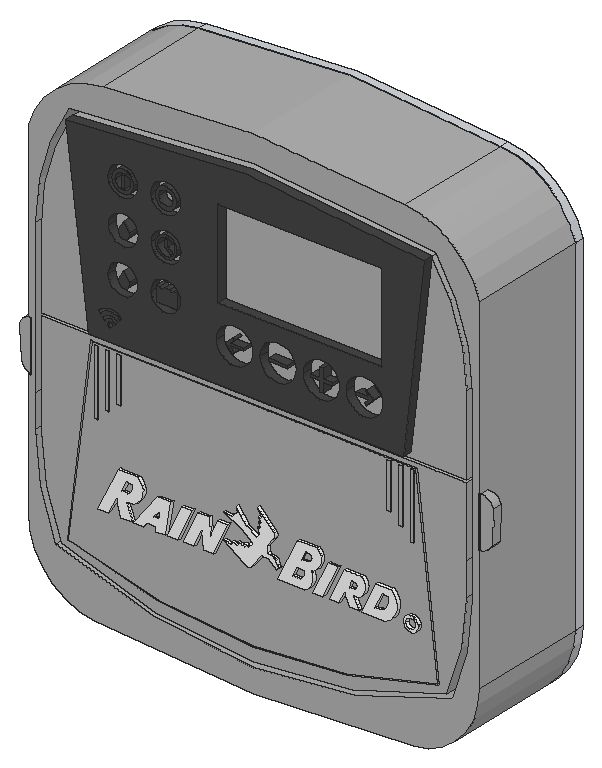
Revit family "TEMPORIZADOR DE IRRIGAÇÕES INTELIGENTE wi-fi ST8-2.0", category Dispositivos de dados, Revit 2021
Family settings
  Manter orientação da anotação = Não
  Cota do conector redondo = Utilizar diâmetro
  Tipo de parte = Normal
  Número OmniClass = 23.85.50.00
  Título OmniClass = Communication Systems
  Com base no plano de trabalho = Não
  Sempre na vertical = Sim
  Corte com vazios quando carregada = Não
  Compartilhado = Não
  Ponto de cálculo do ambiente = Não
Parameters (values of type "ST8O-2.0")
  det5 [instance] = 3 mm
  det4 [instance] = 39.229 mm
  det1 [instance] = 1 mm
  det 3 [instance] = 9 mm
  det [instance] = 5 mm
  White = CINZA
  URL = "www.rainbird.com"
  SupportProjetos: Revisão = "R00"  # constant formula
  SupportProjetos: Nível de Detalhe = "LOD 300"  # constant formula
  SupportProjetos: Desenvolvido = "MICHEL SOARES MOTA"  # constant formula
  SupportProjetos: Data Revisão = ""  # constant formula
  SupportProjetos: Data Criação = "19/102023"  # constant formula
  RainBird: Link Produto = "www.rainbird.com"
  RainBird: Descrição = "ST8O-2.0"
  RainBird: Código = ""
  RainBird: Comentário = ""
  Model = "ST8O-2.0"
  Largura = 195.755 mm
  DTT2 = 90 mm
  Tipo de imagem = esp-lxme_no_cover_straight_cc.jpg
  Saída de Alimentação [instance] = 10 mm
  Espessura = 75 mm
  Potência = 60 VA
  DTT1 [instance] = 18
  Fonte de Energia [instance] = 10 mm
  Elevação padrão = 0 mm
  Corrente de Saída = 0.65 A
  Conexão elétrica [instance] = 10 mm
  Altura da base [instance] = 800 mm
  Type Comments = RainBird: Descrição  # "ST8O-2.0"
  Altura = 222 mm
  Alimentação = 120 VA
  003 [instance] = Altura da base + 217.8 mm  # 1017.8 mm
  002 [instance] = 936.509 mm
  001 [instance] = Altura da base + 38 mm  # 838 mm
Types (3, lengths in mm): name | RainBird: Descrição | Model | Type Comments | Alimentação
  (no name) | "ST8O-2.0" | "ST8O-2.0" | "ST8O-2.0" | 120 VA
  ST8O-2.0 | "ST8O-2.0" | "ST8O-2.0" | "ST8O-2.0" | 120 VA
  ST8O-AUS | "ST8O-AUS" | "ST8O-AUS" | "ST8O-AUS" | 230 VA
Reference planes
  plane 1 "Centro (Frente/Trás)": y = 0
  plane 2: z = 0
  plane 3 "Centro (Esquerda/Direita)": x = 0
Dimensions and locks
  "Altura da base": nested 2 to level
  "001": nested 1 to level
  aligned and locked: level to plane 2
Nested families
  nested 1: "anexo" at (0, 35, -10.607), type "RC2-120V 8 estações de 120 V CA"
    with det5 3 mm, det4 39.229 mm, det1 1 mm, det 3 9 mm, det 5 mm, WR2-RFC - Combinação chuva e gelo no, Saída de Alimentação 10 mm, RSD-BEx - Sensor de chuva com suporte de bloqueio, fio de extensão no, Fonte de Energia 10 mm, DTT1 18, Conexão elétrica 10 mm
  nested 2: "ANEXO 2" at (0, 0, -47.051), type "TM2-4-230 4 Estações"
    with det5 3 mm, det4 39.229 mm, det1 1 mm, det 3 9 mm, det 5 mm, Sensores de chuva da série RSD no, Saída de Alimentação 10 mm, LNKWIFI - Módulo Wi-Fi LNK para controle remoto e notificações no, Fonte de Energia 10 mm, DTT1 18, Conexão elétrica 10 mm, Altura da base 800 mm, 003 1017.8 mm, 002 936.509 mm, 001 885 mm
Definition of nested family "anexo"
  Parameters (values of type "RC2-AUS 8 estações – Austrália")
    det5 [instance] = 3 mm
    det4 [instance] = 39.229 mm
    det1 [instance] = 1 mm
    det 3 [instance] = 9 mm
    det [instance] = 5 mm
    White = none
    URL = "www.rainbird.com"
    SupportProjetos: Revisão = "R00"  # constant formula
    SupportProjetos: Nível de Detalhe = "LOD 300"  # constant formula
    SupportProjetos: Desenvolvido = "MICHEL SOARES MOTA"  # constant formula
    SupportProjetos: Data Revisão = ""  # constant formula
    SupportProjetos: Data Criação = "19/102023"  # constant formula
    RainBird: Link Produto = "www.rainbird.com"
    RainBird: Descrição = "RC2-120V 8 estações de 120 V CA"
    RainBird: Código = ""
    RainBird: Comentário = ""
    RSD-BExv - Sensor de chuva com suporte de bloqueio, fio de extensão = no
    RSD-BEx - Sensor de chuva com suporte de bloqueio, fio de extensão [instance] = no
    Model = "RC2-120V 8 estações de 120 V CA"
    Largura = 195.755 mm
    WR2-RFC - Combinação chuva e gelo [instance] = no
    DTT2 = 90 mm
    Type Image = element 132859
    Saída de Alimentação [instance] = 10 mm
    Espessura = 75 mm
    Potência = 24 VA
    DTT1 [instance] = 18
    Fonte de Energia [instance] = 10 mm
    Default Elevation = 0 mm
    Corrente de Saída = 0.14 A
    Conexão elétrica [instance] = 10 mm
    Altura da base = 800.003 mm
    Type Comments = RainBird: Descrição  # "RC2-120V 8 estações de 120 V CA"
    Altura = 222 mm
    Alimentação = 120 VA
  Types (3, lengths in mm): name | Alimentação
    RC2-120V 8 estações de 120 V CA | 120 VA
    RC2-230V 8 estações de 230 V CA | 230 VA
    RC2-AUS 8 estações – Austrália | 120 VA
  Reference planes
    plane 1 "Centro (Frente/Trás)": y = 0
    plane 2: z = 0
    plane 3 "Centro (Esquerda/Direita)": x = 0
  Forms (mm)
    Extrusion 1, solid
      sketch origin (0, 0, 7.5) x (1, 0, 0) y (0, 0, 1)
        loop
          line (-51.566, 841.011) -> (-47.792, 841.011) -> (-45.017, 846.019) -> (-43.675, 841.011) -> (-39.902, 841.011) -> (-41.836, 846.327)
          arc (-41.836, 846.327) -> (-36.632, 849.262) -> (-38.005, 855.077) r 4.972
          line (-38.005, 855.077) -> (-44.399, 855.077) -> (-51.566, 841.011)
        loop
          line (-43.321, 849.078) -> (-41.311, 849.078)
          arc (-41.311, 849.078) -> (-39.865, 850.458) -> (-40.127, 852.44) r 2.207
          line (-40.127, 852.44) -> (-41.608, 852.44) -> (-43.321, 849.078)
        loop
          line (-39.26, 841.011) -> (-36.048, 841.011) -> (-34.814, 842.482) -> (-31.943, 842.482) -> (-31.943, 841.011) -> (-28.822, 841.011) -> (-26.972, 851.501) -> (-31.356, 851.501) -> (-39.26, 841.011)
        loop
          line (-32.731, 844.964) -> (-30.86, 844.964) -> (-30.86, 847.194) -> (-32.731, 844.964)
        loop
          line (-28.143, 841.011) -> (-24.616, 841.011) -> (-19.725, 851.501) -> (-23.252, 851.501) -> (-28.143, 841.011)
        loop
          line (-22.794, 841.011) -> (-19.315, 841.011) -> (-16.704, 846.611) -> (-15.917, 841.011) -> (-12.807, 841.011) -> (-7.915, 851.501) -> (-11.224, 851.501) -> (-13.75, 846.084) -> (-14.129, 851.501) -> (-17.902, 851.501) -> (-22.794, 841.011)
        loop
          line (-9.376, 854.72) -> (-3.274, 851.875) -> (0.186, 848.759) -> (0.186, 847.785) -> (-0.958, 848.318) -> (-0.958, 847.417) -> (-2.611, 847.86) -> (-2.19, 846.957) -> (-4.802, 847.371) -> (-4.374, 846.452) -> (-6.604, 846.806) -> (-6.232, 846.008) -> (-9.3, 846.494) -> (-2.557, 841.946)
          arc (-2.557, 841.946) -> (-1.153, 841.261) -> (0.252, 841.946) r 1.783
          line (0.252, 841.946) -> (3.467, 846.061) -> (5.544, 846.061) -> (8.517, 843.738) -> (9.188, 844.409) -> (8.56, 845.037) -> (8.157, 846.314)
          arc (8.157, 846.314) -> (7.813, 846.836) -> (7.245, 847.099) r 1.143
          line (7.245, 847.099) -> (6.02, 847.293) -> (5.297, 847.78) -> (5.196, 849.69) -> (7.46, 852.588)
          arc (7.46, 852.588) -> (7.805, 853.66) -> (7.376, 854.702) r 1.636
          line (7.376, 854.702) -> (2.039, 860.038) -> (3.582, 856.875) -> (2.338, 857.455) -> (3.239, 855.608) -> (2.259, 855.781) -> (3.303, 853.541) -> (2.002, 854.175) -> (2.629, 852.189) -> (1.717, 851.277) -> (-1.799, 853.389) -> (-3.526, 855.767) -> (-5.1, 857.932) -> (-4.58, 855.991) -> (-5.801, 855.396) -> (-5.977, 854.559) -> (-7.102, 854.503) -> (-9.376, 854.72)
        loop
          line (8.685, 841.107) -> (17.832, 841.107)
          arc (17.832, 841.107) -> (20.324, 843.869) -> (19.931, 847.569) r 4.562
          arc (19.931, 847.569) -> (23.207, 850.634) -> (21.926, 854.935) r 4.264
          line (21.926, 854.935) -> (15.429, 854.935) -> (8.685, 841.107)
        loop
          line (13.807, 843.91) -> (16.433, 843.91)
          arc (16.433, 843.91) -> (17.638, 845.135) -> (17.439, 846.841) r 1.989
          line (17.439, 846.841) -> (15.236, 846.841) -> (13.807, 843.91)
        loop
          line (16.584, 849.604) -> (18.653, 849.604)
          arc (18.653, 849.604) -> (20.166, 850.716) -> (19.555, 852.492) r 1.585
          line (19.555, 852.492) -> (17.992, 852.492) -> (16.584, 849.604)
        loop
          line (20.45, 841.05) -> (23.848, 841.05) -> (29.033, 851.682) -> (25.635, 851.682) -> (20.45, 841.05)
        loop
          line (25.951, 841.05) -> (29.097, 841.05) -> (31.123, 844.706) -> (32.651, 841.107) -> (35.978, 841.107) -> (34.176, 844.802)
          arc (34.176, 844.802) -> (37.902, 847.305) -> (36.906, 851.682) r 3.966
          line (36.906, 851.682) -> (31.137, 851.682) -> (25.951, 841.05)
        loop
          line (32.609, 846.914) -> (34.687, 846.914)
          arc (34.687, 846.914) -> (35.362, 848.137) -> (34.687, 849.36) r 1.446
          line (34.687, 849.36) -> (33.55, 849.076) -> (32.609, 846.914)
        loop
          line (36.6, 841.107) -> (44.147, 841.107)
          arc (44.147, 841.107) -> (48.575, 845.391) -> (46.767, 851.281) r 5.895
          line (46.767, 851.281) -> (41.562, 851.281) -> (36.6, 841.107)
        loop
          line (45.367, 848.993) -> (43.646, 848.993) -> (41.167, 843.91) -> (43.118, 843.91)
          arc (43.118, 843.91) -> (45.545, 845.875) -> (45.367, 848.993) r 3.424
        loop
          circle (53.229, 843.255) r 2.469
        loop
          circle (53.229, 843.255) r 1.652
      from 75 to 76
    Extrusion 2, solid
      sketch origin (0, 0, 0) x (1, 0, 0) y (0, 0, 1)
        loop
          circle (-45.49, 906.38) r 0.866
        loop
          arc (-43.048, 907.952) -> (-45.57, 909.215) -> (-48.091, 907.949) r 3.147
          line (-48.091, 907.949) -> (-47.338, 907.113)
          arc (-47.338, 907.113) -> (-45.581, 908.123) -> (-43.811, 907.134) r 2.056
          line (-43.811, 907.134) -> (-43.048, 907.952)
        loop
          arc (-48.79, 908.725) -> (-45.558, 910.281) -> (-42.327, 908.725) r 4.134
          line (-42.327, 908.725) -> (-41.661, 909.44)
          arc (-41.661, 909.44) -> (-45.547, 911.348) -> (-49.433, 909.44) r 4.912
          line (-49.433, 909.44) -> (-48.79, 908.725)
        loop
          line (-9.606, 955.241) -> (-9.606, 925.775) -> (45, 925.775) -> (45, 955.241) -> (-9.606, 955.241)
        loop
          circle (-4.07, 914.652) r 6.047
        loop
          line (-4.573, 912.142) -> (-3.969, 912.747) -> (-5.417, 914.195) -> (-1.078, 914.195) -> (-1.078, 914.983) -> (-5.461, 914.983) -> (-4.129, 916.315) -> (-4.707, 916.892) -> (-7.015, 914.584) -> (-4.573, 912.142)
        loop
          line (7.285, 915.119) -> (7.285, 914.213) -> (13.73, 914.213) -> (13.73, 915.119) -> (7.285, 915.119)
        loop
          line (39.984, 912.298) -> (42.426, 914.74) -> (40.117, 917.048) -> (39.54, 916.471) -> (40.872, 915.139) -> (36.489, 915.139) -> (36.489, 914.351) -> (40.828, 914.351) -> (39.379, 912.903) -> (39.984, 912.298)
        loop
          circle (10.461, 914.652) r 6.047
        loop
          circle (24.982, 914.652) r 6.047
        loop
          circle (39.357, 914.652) r 6.047
        loop
          line (24.438, 911.062) -> (25.621, 911.062) -> (25.621, 914.213) -> (28.657, 914.213) -> (28.657, 915.139) -> (25.621, 915.139) -> (25.621, 918.517) -> (24.438, 918.517) -> (24.438, 915.139) -> (21.335, 915.139) -> (21.335, 914.213) -> (24.438, 914.213) -> (24.438, 911.062)
        loop
          circle (-41.4, 950.787) r 5
        loop
          circle (-27.025, 950.787) r 5
        loop
          circle (-41.244, 936.255) r 5
        loop
          circle (-26.869, 936.255) r 5
        loop
          circle (-41.4, 921.412) r 5
        loop
          circle (-27.025, 921.412) r 5
        loop
          line (-41.174, 938.893) -> (-42.796, 936.083)
          arc (-42.796, 936.083) -> (-41.001, 933.707) -> (-39.206, 936.083) r 1.866
          line (-39.206, 936.083) -> (-41.174, 938.893)
        loop
          circle (-26.869, 936.255) r 3.522
        loop
          circle (-26.869, 936.255) r 2.913
        loop
          line (-27.335, 938.553) -> (-27.335, 936.128) -> (-25.504, 934.297) -> (-24.943, 934.858) -> (-26.468, 936.383) -> (-26.468, 938.553) -> (-27.335, 938.553)
        loop
          line (-30.226, 918.741) -> (-23.199, 918.741) -> (-23.199, 923.741) -> (-24.441, 923.741) -> (-25.156, 923.027) -> (-25.87, 923.741) -> (-27.47, 923.741) -> (-28.242, 922.969) -> (-29.014, 923.741) -> (-30.226, 923.741) -> (-30.226, 918.741)
        loop
          line (-41.121, 924.135) -> (-42.744, 921.325)
          arc (-42.744, 921.325) -> (-40.949, 918.949) -> (-39.154, 921.325) r 1.866
          line (-39.154, 921.325) -> (-41.121, 924.135)
        loop
          circle (-41.4, 950.787) r 3.675
        loop
          circle (-41.4, 950.787) r 2.65
        loop
          line (-41.905, 952.606) -> (-41.905, 948.776) -> (-40.833, 948.776) -> (-40.833, 952.606) -> (-41.905, 952.606)
        loop
          circle (-27.025, 950.787) r 3.554
        loop
          circle (-27.025, 950.787) r 2.455
        loop
          line (-52.775, 901.326) -> (52.225, 901.326)
          arc (52.225, 901.326) -> (54.634, 932.084) -> (59.471, 962.556) r 389.282
          arc (59.471, 962.556) -> (-0.529, 967.541) -> (-60.529, 962.556) r 363.555
          arc (-60.529, 962.556) -> (-55.923, 932.033) -> (-52.775, 901.326) r 648.609
      from 75 to 78
    Extrusion 3, solid
      sketch origin (0, 0, 0) x (1, 0, 0) y (0, 0, 1)
        loop
          line (75, 896.806) -> (75, 880.063)
          arc (75, 880.063) -> (77.681, 880.901) -> (79.649, 882.904) r 5.773
          line (79.649, 882.904) -> (79.994, 894.129)
          arc (79.994, 894.129) -> (78.102, 896.596) -> (75, 896.806) r 3.774
        loop
          arc (-74.688, 897.028) -> (-77.232, 895.974) -> (-78.286, 893.43) r 3.598
          line (-78.286, 893.43) -> (-77.588, 883.454)
          arc (-77.588, 883.454) -> (-76.49, 881.458) -> (-74.688, 880.063) r 5.602
          line (-74.688, 880.063) -> (-74.688, 897.028)
        loop
          line (-53.253, 896.336) -> (-53.253, 874.463) -> (-52.221, 874.463) -> (-52.221, 896.336) -> (-53.253, 896.336)
        loop
          line (-49.587, 896.336) -> (-49.587, 878.129) -> (-48.4, 878.129) -> (-48.4, 896.336) -> (-49.587, 896.336)
        loop
          line (-45.767, 896.336) -> (-45.767, 881.336) -> (-44.476, 881.336) -> (-44.476, 896.336) -> (-45.767, 896.336)
        loop
          line (53.253, 896.336) -> (52.221, 896.336) -> (52.221, 874.463) -> (53.253, 874.463) -> (53.253, 896.336)
        loop
          line (49.587, 896.336) -> (48.4, 896.336) -> (48.4, 878.129) -> (49.587, 878.129) -> (49.587, 896.336)
        loop
          line (45.767, 896.336) -> (44.476, 896.336) -> (44.476, 881.336) -> (45.767, 881.336) -> (45.767, 896.336)
      from 72 to 75
  Dimensions and locks
    aligned and locked: level to plane 2
Definition of nested family "ANEXO 2"
  Parameters (values of type "TM2-8-230 8 Estações")
    det5 [instance] = 3 mm
    det4 [instance] = 39.229 mm
    det1 [instance] = 1 mm
    det 3 [instance] = 9 mm
    det [instance] = 5 mm
    White = none
    URL = "www.rainbird.com"
    SupportProjetos: Revisão = "R00"  # constant formula
    SupportProjetos: Nível de Detalhe = "LOD 300"  # constant formula
    SupportProjetos: Desenvolvido = "MICHEL SOARES MOTA"  # constant formula
    SupportProjetos: Data Revisão = ""  # constant formula
    SupportProjetos: Data Criação = "19/102023"  # constant formula
    RainBird: Link Produto = "www.rainbird.com"
    RainBird: Descrição = "TM2-8-230: 8 Estações"
    RainBird: Código = ""
    RainBird: Comentário = ""
    Sensores de chuva da série RSD [instance] = no
    LNKWIFI - Módulo Wi-Fi LNK para controle remoto e notificações [instance] = no
    Model = "TM2-8-230: 8 Estações"
    Largura = 195.755 mm
    DTT2 = 90 mm
    Type Image = element 161533
    Saída de Alimentação [instance] = 10 mm
    Espessura = 40 mm
    Potência = 24 VA
    DTT1 [instance] = 18
    Fonte de Energia [instance] = 10 mm
    Default Elevation = 0 mm
    Corrente de Saída = 0.14 A
    Conexão elétrica [instance] = 10 mm
    Altura da base [instance] = 1500 mm
    Type Comments = RainBird: Descrição  # "TM2-8-230: 8 Estações"
    Altura = 222 mm
    Alimentação = 120 VA
    003 [instance] = Altura da base + 217.8 mm  # 1717.8 mm
    002 [instance] = 936.509 mm
    001 [instance] = Altura da base + 85 mm  # 1585 mm
  Types (8, lengths in mm): name | RainBird: Descrição | Model | Espessura | Altura da base | Type Comments | 003 | 001
    TM2-4-230 4 Estações | "TM2-4-230: 4 Estações" | "TM2-4-230: 4 Estações" | 75 | 800 | "TM2-4-230: 4 Estações" | 1017.8 | 885
    TM2-6-230 6 Estações | "TM2-6-230: 6 Estações" | "TM2-6-230: 6 Estações" | 75 | 800 | "TM2-6-230: 6 Estações" | 1017.8 | 885
    TM2-8-230 8 Estações | "TM2-8-230: 8 Estações" | "TM2-8-230: 8 Estações" | 40 | 1500 | "TM2-8-230: 8 Estações" | 1717.8 | 1585
    TM2-12-230 12 Estações | "TM2-12-230: 12 Estações" | "TM2-12-230: 12 Estações" | 75 | 800 | "TM2-12-230: 12 Estações" | 1017.8 | 885
    TM2-4-110 4 Estações | "TM2-4-110: 4 Estações" | "TM2-4-110: 4 Estações" | 75 | 800 | "TM2-4-110: 4 Estações" | 1017.8 | 885
    TM2-6-110 6 Estações | "TM2-6-110: 6 Estações" | "TM2-6-110: 6 Estações" | 75 | 800 | "TM2-6-110: 6 Estações" | 1017.8 | 885
    TM2-8-110 8 Estações | "TM2-8-110: 8 Estações" | "TM2-8-110: 8 Estações" | 75 | 800 | "TM2-8-110: 8 Estações" | 1017.8 | 885
    TM2-12-110 12 Estações | "TM2-12-110: 12 Estações" | "TM2-12-110: 12 Estações" | 75 | 800 | "TM2-12-110: 12 Estações" | 1017.8 | 885
  Reference planes
    plane 1 "Centro (Frente/Trás)": y = 0
    plane 2: z = 0
    plane 3 "Centro (Esquerda/Direita)": x = 0
  Forms (mm)
    Extrusion 1, solid
      sketch origin (0, 0, 0) x (1, 0, 0) y (0, 0, 1)
        loop
          arc (-75.378, 874.997) -> (-69.057, 858.381) -> (-53.291, 850.167) r 25
          arc (-53.291, 850.167) -> (0, 847.051) -> (53.291, 850.167) r 457.257
          arc (53.291, 850.167) -> (69.057, 858.381) -> (75.378, 874.997) r 25
          line (75.378, 874.997) -> (75.378, 990.924)
          arc (75.378, 990.924) -> (66.085, 1004.98) -> (50.378, 1011.078) r 27.775
          arc (50.378, 1011.078) -> (0, 1014.767) -> (-50.378, 1011.078) r 345.771
          arc (-50.378, 1011.078) -> (-66.085, 1004.98) -> (-75.378, 990.924) r 27.775
          line (-75.378, 990.924) -> (-75.378, 874.997)
        loop
          line (-70.968, 911.711) -> (-70.968, 900.763)
          arc (-70.968, 900.763) -> (-69.3, 884.89) -> (-64.368, 869.711) r 76.346
          arc (-64.368, 869.711) -> (0, 856.655) -> (64.368, 869.711) r 165.209
          arc (64.368, 869.711) -> (69.3, 884.89) -> (70.968, 900.763) r 76.346
          line (70.968, 900.763) -> (70.968, 911.711) -> (70.968, 935.269) -> (-70.968, 935.269) -> (-70.968, 911.711)
        loop
          line (-72.968, 911.711) -> (-72.968, 900.763)
          arc (-72.968, 900.763) -> (-71.256, 884.474) -> (-66.195, 868.897) r 78.346
          arc (-66.195, 868.897) -> (0, 854.995) -> (66.195, 868.897) r 164.549
          arc (66.195, 868.897) -> (71.256, 884.474) -> (72.968, 900.763) r 78.346
          line (72.968, 900.763) -> (72.968, 911.711) -> (72.968, 962.658)
          arc (72.968, 962.658) -> (69.804, 982.682) -> (60.617, 1000.755) r 64.93
          arc (60.617, 1000.755) -> (-0.561, 1005.905) -> (-61.739, 1000.744) r 365.555
          arc (-61.739, 1000.744) -> (-70.102, 982.512) -> (-72.968, 962.658) r 70.199
          line (-72.968, 962.658) -> (-72.968, 911.711)
        loop
          line (-70.968, 936.187) -> (70.968, 936.187) -> (70.968, 962.658)
          arc (70.968, 962.658) -> (68.025, 981.678) -> (59.471, 998.92) r 62.93
          arc (59.471, 998.92) -> (-0.529, 1003.905) -> (-60.529, 998.92) r 363.555
          arc (-60.529, 998.92) -> (-68.307, 981.525) -> (-70.968, 962.658) r 68.199
          line (-70.968, 962.658) -> (-70.968, 936.187)
        loop
          arc (-61.779, 871.618) -> (-0.217, 861.284) -> (61.346, 871.618) r 188.532
          arc (61.346, 871.618) -> (56.47, 902.419) -> (54.075, 933.511) r 389.282
          line (54.075, 933.511) -> (-53.973, 933.511)
          arc (-53.973, 933.511) -> (-57.132, 902.47) -> (-61.779, 871.618) r 648.609
        loop
          arc (-54.436, 934.011) -> (-57.625, 902.551) -> (-62.345, 871.285) r 648.109
          arc (-62.345, 871.285) -> (-0.212, 860.784) -> (61.922, 871.289) r 189.032
          arc (61.922, 871.289) -> (56.964, 902.5) -> (54.558, 934.011) r 388.782
          line (54.558, 934.011) -> (-54.436, 934.011)
      from 0 to 40
    Extrusion 2, solid
      sketch origin (0, 0, 0) x (1, 0, 0) y (0, 0, 1)
        loop
          line (75.378, 874.997) -> (75.378, 990.924)
          arc (75.378, 990.924) -> (66.085, 1004.98) -> (50.378, 1011.078) r 27.775
          arc (50.378, 1011.078) -> (0, 1014.767) -> (-50.378, 1011.078) r 345.771
          arc (-50.378, 1011.078) -> (-66.085, 1004.98) -> (-75.378, 990.924) r 27.775
          line (-75.378, 990.924) -> (-75.378, 874.997)
          arc (-75.378, 874.997) -> (-69.057, 858.381) -> (-53.291, 850.167) r 25
          arc (-53.291, 850.167) -> (0, 847.051) -> (53.291, 850.167) r 457.257
          arc (53.291, 850.167) -> (69.057, 858.381) -> (75.378, 874.997) r 25
      from -3 to 0
  Dimensions and locks
    "Espessura": Extrusion 1 to plane 1 "Centro (Frente/Trás)"
    "det5": plane 1 "Centro (Frente/Trás)" to Extrusion 2
    aligned and locked: level to plane 2
    aligned and locked: Extrusion 1 to plane 1 "Centro (Frente/Trás)"
    aligned and locked: Extrusion 2 sketch curve to Extrusion 1  (x7)
    aligned and locked: plane 1 "Centro (Frente/Trás)" to Extrusion 2
  Automatic sketch dimensions
    Extrusion 1 sketch curve to Extrusion 1 sketch curve = 0 mm  (x32)
    Extrusion 1 sketch curve to plane 3 "Centro (Esquerda/Direita)" = 0 mm  (x4)
    Extrusion 1 sketch curve to plane 3 "Centro (Esquerda/Direita)" = 0.217 mm
    Extrusion 1 sketch curve to plane 3 "Centro (Esquerda/Direita)" = 0.529 mm
    Extrusion 1 sketch curve to plane 3 "Centro (Esquerda/Direita)" = 2.769 mm
    Extrusion 1 sketch curve to plane 3 "Centro (Esquerda/Direita)" = 5.377 mm
    Extrusion 1 sketch curve to plane 3 "Centro (Esquerda/Direita)" = 48.653 mm
    Extrusion 1 sketch curve to plane 3 "Centro (Esquerda/Direita)" = 50.378 mm
    Extrusion 1 sketch curve to Extrusion 1 sketch curve = 5.32 mm
    Extrusion 1 sketch curve to Extrusion 1 sketch curve = 16.995 mm
    Extrusion 1 sketch curve to Extrusion 1 sketch curve = 2 mm  (x2)
    Extrusion 1 sketch curve to Extrusion 1 sketch curve = 25 mm
    plane 3 "Centro (Esquerda/Direita)" to Extrusion 1 sketch curve = 5.377 mm
    plane 3 "Centro (Esquerda/Direita)" to Extrusion 1 sketch curve = 8.038 mm
    Extrusion 1 sketch curve to Extrusion 1 sketch curve = 40.615 mm
    plane 3 "Centro (Esquerda/Direita)" to Extrusion 1 sketch curve = 50.378 mm
    Extrusion 1 sketch curve to Extrusion 1 sketch curve = 5.422 mm
    Extrusion 1 sketch curve to Extrusion 1 sketch curve = 16.893 mm
    Extrusion 1 sketch curve to Extrusion 1 sketch curve = 26.724 mm
    Extrusion 1 sketch curve to Extrusion 1 sketch curve = 28.646 mm
    Extrusion 1 sketch curve to Extrusion 1 sketch curve = 206.001 mm
    Extrusion 1 sketch curve to Extrusion 1 sketch curve = 25.766 mm
    Extrusion 1 sketch curve to Extrusion 1 sketch curve = 10.947 mm  (x2)
    Extrusion 1 sketch curve to Extrusion 1 sketch curve = 21.8 mm
    Extrusion 1 sketch curve to Extrusion 1 sketch curve = 1.758 mm
    Extrusion 1 sketch curve to Extrusion 1 sketch curve = 0.918 mm
    Extrusion 1 sketch curve to Extrusion 1 sketch curve = 36.124 mm
    Extrusion 1 sketch curve to Extrusion 1 sketch curve = 26.471 mm
    Extrusion 1 sketch curve to Extrusion 1 sketch curve = 20.698 mm  (x2)
    Extrusion 1 sketch curve to Extrusion 1 sketch curve = 20.976 mm
    Extrusion 1 sketch curve to Extrusion 1 sketch curve = 7.568 mm  (x2)
    Extrusion 1 sketch curve to Extrusion 1 sketch curve = 2.32 mm
    Extrusion 1 sketch curve to Extrusion 1 sketch curve = 27.951 mm
    Extrusion 1 sketch curve to Extrusion 1 sketch curve = 254.493 mm
    Extrusion 1 sketch curve to Extrusion 1 sketch curve = 1.724 mm
    Extrusion 1 sketch curve to Extrusion 1 sketch curve = 10.152 mm
    Extrusion 1 sketch curve to Extrusion 1 sketch curve = 1.209 mm
    Extrusion 1 sketch curve to Extrusion 1 sketch curve = 11.402 mm
    Extrusion 1 sketch curve to Extrusion 1 sketch curve = 2.589 mm
    Extrusion 1 sketch curve to Extrusion 1 sketch curve = 1.827 mm
    Extrusion 1 sketch curve to Extrusion 1 sketch curve = 0.463 mm
    Extrusion 1 sketch curve to Extrusion 1 sketch curve = 0.482 mm
    Extrusion 1 sketch curve to Extrusion 1 sketch curve = 0.5 mm
    Extrusion 1 sketch curve to Extrusion 1 sketch curve = 0.566 mm
    Extrusion 1 sketch curve to Extrusion 1 sketch curve = 0.333 mm
    Extrusion 1 sketch curve to Extrusion 1 sketch curve = 0.576 mm
    Extrusion 1 sketch curve to Extrusion 1 sketch curve = 0.33 mm
    level to Extrusion 1 sketch curve = 640.35 mm
